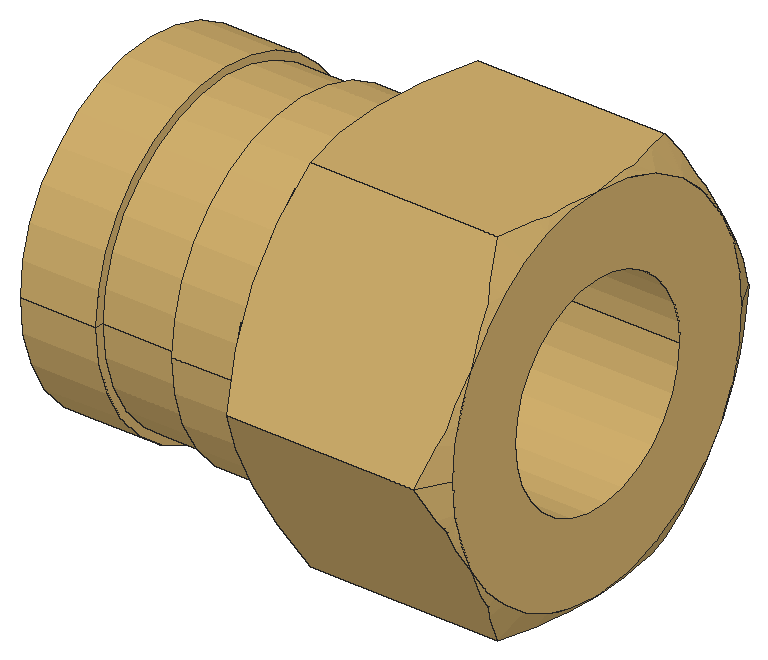
Revit family "UPEX_Conector_FemFix", category Pipe Fittings, Revit 2025
Family settings
  Round Connector Dimension = Use Radius
  Part Type = Cap
  OmniClass Number = 23.60.30.11.14
  OmniClass Title = Pipework Fittings
  Work Plane-Based = No
  Always vertical = Yes
  Cut with Voids When Loaded = No
  Shared = No
Parameters
  URL = "https://www.ultrapex.com.br/_files/ugd/9f3173_32d47a29bbff48b5af4781a5d529eee8.pdf"
  ULTRAPEX: Versão = "00"  # constant formula
  ULTRAPEX: Norma Técnica = "NBR 15939"  # constant formula
  ULTRAPEX: Descrição [instance] = size_lookup(LookupTable, "DES", "Produto Inexistente", DN1, DN2)  # "Conector Fixo Fêmea 16x1/2\" - ULTRAPEX"
  ULTRAPEX: Código [instance] = size_lookup(LookupTable, "COD", 0, DN1, DN2)  # 9021612
  Type Image = Conector Móvel Fêmea.jpg
  RN2 [instance] = 10 mm
  RN1 [instance] = 8 mm
  Material = Latão - Ultrapex
  LookupTable = "Conector Fêmea Fixo - ULTRAPEX"
  Lado Conector [instance] = 2 * ((Cota A / 2) * cos(60.00°))  # 12.85 mm
  IfcExportAs = "IfcPipeFittingType.CONNECTOR"  # constant formula
  Manufacturer = "UltraPEX"  # constant formula
  Default Elevation = 0.0 mm
  Description = "Conector Fêmea Móvel - ULTRAPEX"
  DN3 [instance] = ((Cota A / 2) * sin(60.00°))  # 11.128 mm
  DN2 Nominal [instance] = RN2 * 2  # 20 mm
  DN2 [instance] = if(DN2 Nominal = 20 mm, 12.7 mm, if(DN2 Nominal = 25 mm, 19.1 mm, if(DN2 Nominal = 32 mm, 25.4 mm, 20 mm)))  # 12.7 mm
  DN1 [instance] = RN1 * 2  # 16 mm
  Cota C [instance] = size_lookup(LookupTable, "C", 10.5 mm, DN1, DN2) + 2.5 mm  # 13.5 mm
  Cota A [instance] = size_lookup(LookupTable, "A", 26.2 mm, DN1, DN2)  # 25.7 mm
  Alerta [instance] = if(ULTRAPEX: Código = 0, 1 = 1, 1 = 0)  # no
Reference planes
  plane 1 "Centro (Frente/Trás)": y = 0
  plane 2: z = 0.458
  plane 3 "Centro (Esquerda/Direita)": x = 0
  plane 4: x = 13.5
Forms (mm)
  Extrusion 1, solid, material "Latão - Ultrapex" <- "Material", detail levels fine
    sketch origin (0, 0.938, 0) x (0, 1, 0) y (0, 0, 1)
      loop
        line (5.488, -10.671) -> (11.913, 0.458) -> (5.488, 11.586) -> (-7.363, 11.586) -> (-13.788, 0.458) -> (-7.362, -10.671) -> (5.488, -10.671)
    from 0 to 13.5 <- "Cota C"
  Extrusion 2, void
    sketch origin (0, 0, 0) x (0, 1, 0) y (0, 0, 1)
      loop
        circle (0, 0.458) r 6.35
    from 13.5 <- "Cota C" to 2.5
  Sweep 3, void
    path origin (0, 0.938, 0) x (0, 1, 0) y (0, 0, 1)
      loop
        circle (-0.938, 0.458) r 11.128
    profile origin (0, 0, 11.586) x (0, 0, -1) y (1, 0, 0)
      loop
        line (2.015, -1.163) -> (-3.651, 2.108) -> (-3.651, -1.163) -> (2.015, -1.163)
  Sweep 4, void
    path origin (13.5, -10.479, 4000.458) x (0, -1, 0) y (0, 0, 1)
      loop
        circle (-10.479, -4000) r 11.128
    profile origin (13.5, 0, -10.671) x (0, 0, -1) y (-1, 0, 0)
      loop
        line (-2.015, -1.163) -> (3.651, -1.163) -> (3.651, 2.108) -> (-2.015, -1.163)
Cuts and joins
  Extrusion 2, Sweep 3, Sweep 4 cuts Extrusion 1
Lines and regions (mm)
  model lines, detail levels coarse+medium
    curve 1: line (0, 0, 0.458) -> (13, 0, 0.458)
Dimensions and locks
  equal spacing: Extrusion 1 sketch curve, plane 2, Extrusion 1 sketch curve
  "Lado Conector": Extrusion 1 sketch curve to Extrusion 1 sketch curve  (x5)
  Extrusion 1 sketch curve to Extrusion 1 sketch curve = 12.85 mm
  "Cota C": plane 3 "Centro (Esquerda/Direita)" to plane 4
  equal spacing: Sweep 3 sketch curve, plane 1 "Centro (Frente/Trás)", Sweep 3 sketch curve
  equal spacing: Sweep 3 sketch curve, plane 2, Sweep 3 sketch curve
  equal spacing: Sweep 4 sketch curve, plane 2, Sweep 4 sketch curve
  equal spacing: Sweep 4 sketch curve, plane 1 "Centro (Frente/Trás)", Sweep 4 sketch curve
  equal spacing: Extrusion 1 sketch curve, plane 1 "Centro (Frente/Trás)", Extrusion 1 sketch curve
  "DN2": diameter of Extrusion 2 sketch curve
  "DN3": radius of Sweep 3 sketch curve
  "DN3": radius of Sweep 4 sketch curve
  locked: Extrusion 1 sketch curve to Extrusion 1 sketch curve (angle 120.00°)  (x4)
  angle Extrusion 1 sketch curve to Extrusion 1 sketch curve = 120.00°
  aligned and locked: plane 2 to level
  aligned and locked: plane 3 "Centro (Esquerda/Direita)" to nested 1
Automatic sketch dimensions
  plane 1 "Centro (Frente/Trás)" to curve 1 = 0.0 mm
  curve 1 to plane 3 "Centro (Esquerda/Direita)" = 0.0 mm
  plane 4 to curve 1 = 0.5 mm
  profile plane to Sweep 3 sketch curve = 3.651 mm
  Sweep 3 sketch curve to profile plane = 2.015 mm
  Sweep 3 sketch curve to profile plane = 1.163 mm
  profile plane to Sweep 3 sketch curve = 2.108 mm
  profile plane to Sweep 4 sketch curve = 2.015 mm
  Sweep 4 sketch curve to profile plane = 1.163 mm
  Sweep 4 sketch curve to profile plane = 3.651 mm
  profile plane to Sweep 4 sketch curve = 2.108 mm
  Extrusion 2 sketch curve to level = 0.0 mm
  Extrusion 2 sketch curve to plane 1 "Centro (Frente/Trás)" = 0.0 mm
Nested families
  nested 1: "Anel Deslizante - ULTRAPEX" at (0, 0, 0.458) x (0, 1, 0) z (0, 0, 1), Diâmetro Nominal <- "DN1", type "Anel Deslizante - ULTRAPEX"
    with ULTRAPEX: Descrição "Anel Deslizante 16 mm - ULTRAPEX", ULTRAPEX: Código 9040016, Diâmetro Nominal 16 mm, DN 16.0 mm, Cota C 4.667 mm, Cota B 14.0 mm, Cota A 20.0 mm
Connectors
  piping at (2.5, 0, 0.458), diameter 20, driven by "RN2"
    settings: on cut or joined group of Extrusion 1, Extrusion 2, Sweep 3, Sweep 4, index 1, connector inside diameter 609.6 mm, connector length 0.0 mm, flow factor 0, pipe flow 0.0 L/s, pressure drop 0.0 Pa, fitting loss kfactor 0, connector angle 0.00°, fixture units 0, engagement length 0.0 mm, angle of deflection 0.00°, flow configuration 0, flow direction 0, fitting loss method 0, system type 28, joint type 0, gender type 0, connector reference index -1, connector utility 0, adjustable connector no, is connector primary yes, connector description ""
  piping at (0, 0, 0.458), diameter 16, driven by "RN1"
    settings: on nested 1, index 2, connector inside diameter 609.6 mm, connector length 0.0 mm, flow factor 0, pipe flow 0.0 L/s, pressure drop 0.0 Pa, fitting loss kfactor 0, connector angle 0.00°, fixture units 0, engagement length 0.0 mm, angle of deflection 0.00°, flow configuration 0, flow direction 0, fitting loss method 0, system type 28, joint type 0, gender type 0, connector reference index -1, connector utility 0, adjustable connector no, is connector primary no, connector description ""
Definition of nested family "Anel Deslizante - ULTRAPEX"
  Parameters (values of type "ANEL DESLIZANTE 16mm")
    URL = "https://www.ultrapex.com.br/_files/ugd/9f3173_32d47a29bbff48b5af4781a5d529eee8.pdf"
    ULTRAPEX: Versão = "00"  # constant formula
    ULTRAPEX: Norma Técnica = "NBR 15939"  # constant formula
    ULTRAPEX: Descrição [instance] = size_lookup(LookupTable, "DES", "Produto Inexistente", Diâmetro Nominal)  # "Anel Deslizante 16 mm - ULTRAPEX"
    ULTRAPEX: Código [instance] = size_lookup(LookupTable, "COD", 0, Diâmetro Nominal)  # 9040016
    Type Image = element 336305
    Material = none
    LookupTable = "Anel Deslizante - ULTRAPEX"  # constant formula
    IfcExportAs = "IfcPipeFittingType.CONNECTOR"  # constant formula
    Manufacturer = "UltraPEX"  # constant formula
    Default Elevation = 0.0 mm
    Diâmetro Nominal [instance] = 16 mm
    Description = "Anel Deslizante - ULTRAPEX"
    DN [instance] = size_lookup(LookupTable, "DN", 16.0 mm, Diâmetro Nominal)  # 16.0 mm
    Cota C [instance] = Cota B / 3  # 4.667 mm
    Cota B [instance] = size_lookup(LookupTable, "B", 14.0 mm, Diâmetro Nominal)  # 14.0 mm
    Cota A [instance] = size_lookup(LookupTable, "A", 20.0 mm, Diâmetro Nominal)  # 20.0 mm
  Reference planes
    plane 1 "Centro (Frente/Trás)": y = 0
    plane 2: z = 0
    plane 3 "Centro (Esquerda/Direita)": x = 0
    plane 4: x = 8
    plane 5: x = -8
    plane 6: x = -10
    plane 7: x = 10
    plane 8: y = 14
  Forms (mm)
    Revolve 1, solid, material <- "Material", detail levels fine
      sketch origin (0, 0, 0) x (1, 0, 0) y (0, 1, 0)
        loop
          line (10, 0) -> (10, 14) -> (8, 14) -> (8, 0) -> (10, 0)
        axis (0, 0) -> (0, 14)
      angle from 0 to 360
    Revolve 2, void
      sketch origin (0, 0, 0) x (1, 0, 0) y (0, 1, 0)
        loop
          line (-10.952, 9.333) -> (-10.952, 4.667) -> (-9.524, 4.667) -> (-9.524, 9.333) -> (-10.952, 9.333)
        axis (0, 4.667) -> (0, 9.333)
      angle from 0 to 360
  Cuts and joins
    Revolve 2 cuts Revolve 1
  Lines and regions (mm)
    model lines, detail levels coarse+medium
      curve 1: line (0, 0, 0) -> (0, 14, 0)
  Dimensions and locks
    "DN": plane 5 to plane 4
    "Cota A": plane 6 to plane 7
    equal spacing: plane 6, plane 3 "Centro (Esquerda/Direita)", plane 7
    equal spacing: plane 5, plane 3 "Centro (Esquerda/Direita)", plane 4
    "Cota B": plane 1 "Centro (Frente/Trás)" to plane 8
    "Cota C": Revolve 2 sketch curve to plane 8
    "Cota C": plane 1 "Centro (Frente/Trás)" to Revolve 2 sketch curve
    locked: plane 6 to Revolve 2 sketch curve at 0.476
    locked: Revolve 2 sketch curve to Revolve 2 sketch curve at 1.428
    aligned and locked: level to plane 2
    aligned and locked: plane 3 "Centro (Esquerda/Direita)" to Revolve 1 sketch curve
    aligned and locked: Revolve 1 sketch curve to plane 7
    aligned and locked: plane 4 to Revolve 1 sketch curve
    aligned and locked: plane 1 "Centro (Frente/Trás)" to Revolve 1 sketch curve
    aligned and locked: plane 8 to Revolve 1 sketch curve
    aligned and locked: plane 8 to curve 1
    aligned and locked: plane 1 "Centro (Frente/Trás)" to curve 1
  Automatic sketch dimensions
    plane 1 "Centro (Frente/Trás)" to Revolve 1 sketch curve = 0.0 mm
    Revolve 1 sketch curve to Revolve 1 sketch curve = 0.0 mm
    curve 1 to plane 3 "Centro (Esquerda/Direita)" = 0.0 mm
    Revolve 2 sketch curve to plane 3 "Centro (Esquerda/Direita)" = 0.0 mm
    plane 1 "Centro (Frente/Trás)" to Revolve 2 sketch curve = 0.0 mm
    plane 8 to Revolve 2 sketch curve = 2.253 mm
